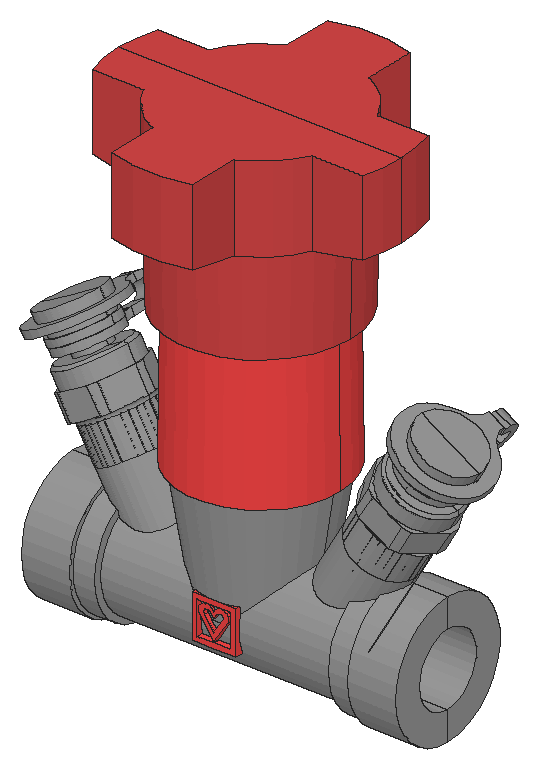
Revit family "Strangregulierventil mit Messventilen 4217 GN", category Rohrzubehör, Revit 2020
Family settings
  Bemaßung runder Anschluss = Durchmesser verwenden
  Teiletyp = Unterbricht
  OmniClass-Nummer = 23.65.55.14
  OmniClass-Titel = Valves for Liquid Services
  Arbeitsebenenbasiert = Nein
  Immer vertikal = Ja
  Beim Laden mit Abzugskörper schneiden = Nein
  Gemeinsam genutzt = Nein
Parameters
  kvs-Wert [instance] = if(Nennweite = 15.00 mm, 1.14, if(Nennweite = 20.00 mm, 2.38, if(Nennweite = 25.00 mm, 5.24, if(Nennweite = 32.00 mm, 8.6, if(Nennweite = 40.00 mm, 10.49, if(Nennweite = 50.00 mm, 16.78, 0))))))  # 1.14
  W02 = 60.00°  # constant formula
  W01 = 30.00°  # constant formula
  Vorgabe-Ansicht = 0.00 mm
  URL = "www.herz-armaturen.at"
  Spindelabdichtung = "Doppel-O-Ring aus EPDM"  # constant formula
  Spindel = "Messing CW617N"  # constant formula
  SC_NennweiteBerechnet = 0
  SC_Dimension = ""
  SCRNSEQ = "ARM;ARM_TYP=\"STRV\";2"
  SCRNCODE = "05;07;02"  # constant formula
  S02 = 60.00 mm  # constant formula
  S01 [instance] = DN15_DN50  # 92.00 mm
  R01 [instance] = size_lookup("4217_GN_", "R1", 1.00 mm, Nennweite)  # 11.35 mm
  Nennweite [instance] = 15.00 mm
  Medium = "Heizwasserqualität entsprechend ÖNORM H 5195 bzw. VDI-Richtlinie 2035.\r\nDie Verwendung von Ethylen- und Propylenglykol ist im Mischungsverhältnis 25 - 50 Vol. % zulässig."
  Max. Betriebstemperatur (bis DN32) = 130 °C  # constant formula
  Max. Betriebstemperatur (ab DN40) = 110 °C  # constant formula
  Max. Betriebsdruck = 2500000.0 Pa  # constant formula
  ML02 [instance] = size_lookup("4217_GN_", "ML2", 1.00 mm, Nennweite)  # 29.70 mm
  ML01 [instance] = size_lookup("4217_GN_", "ML1", 1.00 mm, Nennweite)  # 15.15 mm
  MD01 = 7.40 mm  # constant formula
  L02 [instance] = size_lookup("4217_GN_", "L2", 1.00 mm, Nennweite)  # 10.00 mm
  L01 [instance] = size_lookup("4217_GN_", "L1", 1.00 mm, Nennweite)  # 14.70 mm
  L00 [instance] = size_lookup("4217_GN_", "L", 1.00 mm, Nennweite)  # 78.00 mm
  Innengewinde = "gem. ISO 7/1"  # constant formula
  IG [instance] = Nennweite / 2  # 7.50 mm
  Hersteller = "HERZ Armaturen Ges.m.b.H."  # constant formula
  Handrad = "Polyamid, rot"  # constant formula
  H01 = 41.50 mm  # constant formula
  H00 [instance] = size_lookup("4217_GN_", "H", 1.00 mm, Nennweite)  # 25.40 mm
  Gewicht [instance] = if(Nennweite = 15.00 mm, "0.50 kg", if(Nennweite = 20.00 mm, "0.58 kg", if(Nennweite = 25.00 mm, "0.81 kg", if(Nennweite = 32.00 mm, "1.2 kg", if(Nennweite = 40.00 mm, "1.37 kg", if(Nennweite = 50.00 mm, "2.06 kg", "0 kg"))))))  # "0.50 kg"
  Gehäuse = "Messing CW602N"  # constant formula
  GT [instance] = size_lookup("4217_GN_", "GT", 1.00 mm, Nennweite)  # 13.20 mm
  Einbaulage = "Bedingt durch die senkrecht zur Ventilachse angeordnete, nichtsteigende Ventilspindel ist für jede Einbaulage optimale Zugängigkeit und Bedienbarkeit des Ventils gewährleistet."
  Differenzdruckmessung = "STRÖMAX-GN Strangregulierventil ist mit zwei Messventilen ausgestattet.\r\nBei Verwendung eines geeigneten Messgerätes kann der Differenzdruck gemessen und dadurch die jeweilige Durchflussmenge in Abhängigkeit der Einstellstufe ermittelt werden.\r\nAm HERZ-Messcomputer (1 8900 05) ist außerdem direkt die jeweilige Durchflussmenge ablesbar (siehe Gerätehandbuch)."
  DN50 [instance] = Nennweite = 50.00 mm  # no
  DN40 [instance] = Nennweite = 40.00 mm  # no
  DN32 [instance] = Nennweite = 32.00 mm  # no
  DN25 [instance] = Nennweite = 25.00 mm  # no
  DN20 [instance] = Nennweite = 20.00 mm  # no
  DN15_DN50 [instance] = if(Nennweite = 15.00 mm, 92.00 mm, if(Nennweite = 20.00 mm, 95.00 mm, if(Nennweite = 25.00 mm, 102.00 mm, if(Nennweite = 32.00 mm, 114.00 mm, if(Nennweite = 40.00 mm, 114.00 mm, if(Nennweite = 50.00 mm, 119.00 mm, 0.00 mm))))))  # 92.00 mm
  DN15 [instance] = Nennweite = 15.00 mm  # yes
  D05 = 16.75 mm  # constant formula
  D04 = 16.25 mm  # constant formula
  D03 [instance] = size_lookup("4217_GN_", "D3", 1.00 mm, Nennweite)  # 15.50 mm
  D02 [instance] = size_lookup("4217_GN_", "D2", 1.00 mm, Nennweite)  # 13.50 mm
  D01 [instance] = size_lookup("4217_GN_", "D1", 1.00 mm, Nennweite)  # 12.70 mm
  Bestellnummer [instance] = size_lookup("4217_GN_", "Artnr", 0, Nennweite)  # 1421771
  Ausführung = "STRÖMAX-GN Strangregulierventil mit Messventilen, 1/2′′ – 2′′, mit gleichprozentiger Kennlinie.\r\nGeradesitzform, gelbe Ausführung, Muffe x Muffe, nichtsteigende Spindel, Spindelabdichtung mit Doppel-O-Ring, Voreinstellung durch Hubbegrenzung mittels Innenspindel, Anzeige der Voreinstellstufe am Handradschaft.\r\n2 Messventile sind neben dem Handrad montiert."
  Anwendungen = "Zum hydraulischen Abgleich in Heiz- oder Kühlanlagen, Einregulieren von Verteilleitungen, Strängen, Wärmetauschern, Heiz- und Kühlregistern.\r\nSchließen Sie das Ventil im Uhrzeigersinn."
Reference planes
  plane 1 "Mitte (Vorne/hinten)": y = 0
  plane 2: z = 0
  plane 3 "Mitte (Links/rechts)": x = 0
Forms (mm)
  Revolve 1, solid, material "Messing, weicher Gelbton, geschweißt", detail levels fine
    sketch origin (0, 0, 0) x (1, 0, 0) y (0, 0, 1)
      loop
        line (-39, 13.5) -> (-39, 7.5) -> (-25.8, 7.5) -> (-25.8, 0) -> (25.8, 0) -> (25.8, 7.5) -> (39, 7.5) -> (39, 13.5) -> (29, 13.5) -> (29, 12.7) -> (24.3, 12.7) -> (24.3, 11.35) -> (-24.3, 11.35) -> (-24.3, 12.7) -> (-29, 12.7) -> (-29, 13.5) -> (-39, 13.5)
      axis (-39, 0) -> (39, 0)
    angle from 0 to 360
  Revolve 2, solid, material "Messing, weicher Gelbton, geschweißt", detail levels fine
    sketch origin (0, 0, 0) x (1, 0, 0) y (0, 0, 1)
      loop
        line (15.15, 0) -> (30, 25.721) -> (23.591, 29.421) -> (8.741, 3.7) -> (15.15, 0)
      axis (15.15, 0) -> (30, 25.721)
    angle from 0 to 360
  Revolve 3, solid, material "Messing, weicher Gelbton, geschweißt", detail levels fine
    sketch origin (0, 0, 0) x (-1, 0, 0) y (0, 0, 1)
      loop
        line (15.15, 0) -> (30, 25.721) -> (23.591, 29.421) -> (8.741, 3.7) -> (15.15, 0)
      axis (15.15, 0) -> (30, 25.721)
    angle from 0 to 360
  Revolve 4, solid, material "Messing, weicher Gelbton, geschweißt", detail levels fine
    sketch origin (0, 0, 0) x (1, 0, 0) y (0, 0, 1)
      loop
        line (0, 0) -> (0, 25.4) -> (-15.5, 25.4) -> (-11.35, 0) -> (0, 0)
      axis (0, 25.4) -> (0, 0)
    angle from 0 to 360
  Revolve 5, solid, material "Kunsstoff rot", detail levels fine
    sketch origin (0, 0, 0) x (1, 0, 0) y (0, 0, 1)
      loop
        line (0, 25.4) -> (0, 66.9) -> (-16.25, 66.9) -> (-16.75, 25.4) -> (0, 25.4)
      axis (0, 66.9) -> (0, 25.4)
    angle from 0 to 360
Lines and regions (mm)
  model lines, detail levels coarse+medium
    curve 1: line (-39, 0, 13.5) -> (-39, 0, -13.5)
    curve 2: line (-39, 0, -13.5) -> (39, 0, 13.5)
    curve 3: line (39, 0, 13.5) -> (39, 0, -13.5)
    curve 4: line (39, 0, -13.5) -> (-39, 0, 13.5)
    curve 5: line (0, 0, 0) -> (53.116, 0, 92)
    curve 6: line (27.135, 0, 107) -> (79.097, 0, 77)
    curve 7: line (-39, 13.5, 0) -> (-39, -13.5, 0)
    curve 8: line (-39, -13.5, 0) -> (39, 13.5, 0)
    curve 9: line (39, 13.5, 0) -> (39, -13.5, 0)
    curve 10: line (39, -13.5, 0) -> (-39, 13.5, 0)
    curve 11: line (0, 0, 0) -> (53.116, 92, 0)
    curve 12: line (27.135, 107, 0) -> (79.097, 77, 0)
Dimensions and locks
  "IG": Revolve 1 sketch curve to plane 2
  "GT": Revolve 1 sketch curve to Revolve 1 sketch curve  (x2)
  "IG": Revolve 1 sketch curve to Revolve 1 sketch curve
  "D01": Revolve 1 sketch curve to Revolve 1 sketch curve  (x2)
  "L02": Revolve 1 sketch curve to Revolve 1 sketch curve  (x2)
  "D02": Revolve 1 sketch curve to plane 2  (x2)
  equal spacing: Revolve 1 sketch curve, plane 3 "Mitte (Links/rechts)", Revolve 1 sketch curve
  "L00": Revolve 1 sketch curve to Revolve 1 sketch curve
  "R01": nested 1 to plane 1 "Mitte (Vorne/hinten)"
  "ML01": Revolve 2 sketch curve to plane 3 "Mitte (Links/rechts)"
  "ML02": Revolve 2 sketch curve to Revolve 2 sketch curve
  "MD01": Revolve 2 sketch curve to Revolve 2 sketch curve  (x2)
  "ML02": Revolve 3 sketch curve to Revolve 3 sketch curve
  "MD01": Revolve 3 sketch curve to Revolve 3 sketch curve  (x2)
  "ML01": plane 3 "Mitte (Links/rechts)" to Revolve 3 sketch curve
  "D02": curve 4 to plane 2 to curve 2
  "D02": curve 3 to plane 2 to curve 4
  equal spacing: curve 1, plane 3 "Mitte (Links/rechts)", curve 3
  "L00": curve 1 to curve 3
  equal spacing: Revolve 1, curve 5, Revolve 1
  "S01": curve 5 to plane 2
  equal spacing: curve 6, curve 5, curve 6
  "S02": curve 6 to curve 6
  "D02": curve 8 to plane 1 "Mitte (Vorne/hinten)" to curve 10
  "D02": curve 10 to plane 1 "Mitte (Vorne/hinten)" to curve 9
  equal spacing: curve 7, plane 3 "Mitte (Links/rechts)", curve 9
  "L00": curve 7 to curve 9
  equal spacing: curve 7, curve 11, curve 9
  "S01": plane 1 "Mitte (Vorne/hinten)" to curve 11
  equal spacing: curve 12, curve 11, curve 12
  "S02": curve 12 to curve 12
  "R01": Revolve 1 sketch curve to plane 2
  "H00": Revolve 4 sketch curve to plane 2
  "D03": Revolve 4 sketch curve to Revolve 4 sketch curve
  "R01": Revolve 4 sketch curve to Revolve 4 sketch curve
  "L01": Revolve 1 sketch curve to Revolve 1 sketch curve  (x2)
  "H01": Revolve 5 sketch curve to Revolve 5 sketch curve
  "H00": Revolve 5 sketch curve to plane 2
  "D04": Revolve 5 sketch curve to Revolve 5 sketch curve
  "D05": Revolve 5 sketch curve to Revolve 5 sketch curve
  "DN15_DN50": nested 14 to plane 2
  "W01": angle Revolve 2 sketch curve to plane 3 "Mitte (Links/rechts)"  (x2)
  "W01": angle plane 3 "Mitte (Links/rechts)" to Revolve 3 sketch curve  (x2)
  "W02": angle plane 2 to curve 5
  "W02": angle plane 1 "Mitte (Vorne/hinten)" to curve 11
  aligned and locked: level to plane 2
Automatic sketch dimensions
  Revolve 1 sketch curve to level = 0.00 mm  (x2)
  Revolve 1 sketch curve to Revolve 1 sketch curve = 1429.986 mm
  Revolve 1 sketch curve to Revolve 1 sketch curve = 1762.604 mm
  Revolve 2 sketch curve to level = 0.00 mm  (x2)
  Revolve 3 sketch curve to level = 0.00 mm  (x2)
  Revolve 4 sketch curve to level = 0.00 mm
  Revolve 4 sketch curve to plane 3 "Mitte (Links/rechts)" = 0.00 mm  (x2)
  Revolve 4 sketch curve to level = 366.045 mm
  Revolve 4 sketch curve to Revolve 4 sketch curve = 2188.915 mm
  Revolve 5 sketch curve to plane 3 "Mitte (Links/rechts)" = 0.00 mm  (x2)
  Revolve 5 sketch curve to level = 366.045 mm
  Revolve 5 sketch curve to Revolve 5 sketch curve = 2147.415 mm
Nested families
  nested 1: "Herz-Logo-vorne" at (0, -11.35, 0) x (0, 1, 0) z (0, 0, 1), type "Herz-Logo-vorne", detail levels fine
  nested 2: "Messstutzen_Band_Austritt_30Grad_(oben)" at (37.95, 0, 29.878), visible <- "DN50", type "Messstutzen_Band_Austritt_30Grad_(oben)", detail levels fine
    with Schutzkappe yes, Nennweite 0.00 mm, Gewicht 0.00 kg, Bestellnummer 0
  nested 3: "Messstutzen_Band_Eintritt_30Grad_(oben)" at (-37.95, 0, 29.878) x (-1, 0, 0) z (0, 0, 1), visible <- "DN50", type "Messstutzen_Band_Eintritt_30Grad_(oben)", detail levels fine
    with Schutzkappe yes, Nennweite 0.00 mm, Gewicht 0.00 kg, Bestellnummer 0
  nested 4: "Messstutzen_Band_Austritt_30Grad_(oben)" at (21.25, 0, 10.566), visible <- "DN15", type "Messstutzen_Band_Austritt_30Grad_(oben)", detail levels fine
    with Schutzkappe yes, Nennweite 0.00 mm, Gewicht 0.00 kg, Bestellnummer 0
  nested 5: "Messstutzen_Band_Eintritt_30Grad_(oben)" at (-21.25, 0, 10.566) x (-1, 0, 0) z (0, 0, 1), visible <- "DN15", type "Messstutzen_Band_Eintritt_30Grad_(oben)", detail levels fine
    with Schutzkappe yes, Nennweite 0.00 mm, Gewicht 0.00 kg, Bestellnummer 0
  nested 6: "Messstutzen_Band_Eintritt_30Grad_(oben)" at (-20.175, 0, 12.601) x (-1, 0, 0) z (0, 0, 1), visible <- "DN20", type "Messstutzen_Band_Eintritt_30Grad_(oben)", detail levels fine
    with Schutzkappe yes, Nennweite 0.00 mm, Gewicht 0.00 kg, Bestellnummer 0
  nested 7: "Messstutzen_Band_Austritt_30Grad_(oben)" at (20.175, 0, 12.601), visible <- "DN20", type "Messstutzen_Band_Austritt_30Grad_(oben)", detail levels fine
    with Schutzkappe yes, Nennweite 0.00 mm, Gewicht 0.00 kg, Bestellnummer 0
  nested 8: "Messstutzen_Band_Eintritt_30Grad_(oben)" at (-21.8, 0, 15.762) x (-1, 0, 0) z (0, 0, 1), visible <- "DN25", type "Messstutzen_Band_Eintritt_30Grad_(oben)", detail levels fine
    with Schutzkappe yes, Nennweite 0.00 mm, Gewicht 0.00 kg, Bestellnummer 0
  nested 9: "Messstutzen_Band_Austritt_30Grad_(oben)" at (21.8, 0, 15.762), visible <- "DN25", type "Messstutzen_Band_Austritt_30Grad_(oben)", detail levels fine
    with Schutzkappe yes, Nennweite 0.00 mm, Gewicht 0.00 kg, Bestellnummer 0
  nested 10: "Messstutzen_Band_Eintritt_30Grad_(oben)" at (-27.95, 0, 20.352) x (-1, 0, 0) z (0, 0, 1), visible <- "DN32", type "Messstutzen_Band_Eintritt_30Grad_(oben)", detail levels fine
    with Schutzkappe yes, Nennweite 0.00 mm, Gewicht 0.00 kg, Bestellnummer 0
  nested 11: "Messstutzen_Band_Austritt_30Grad_(oben)" at (27.95, 0, 20.352), visible <- "DN32", type "Messstutzen_Band_Austritt_30Grad_(oben)", detail levels fine
    with Schutzkappe yes, Nennweite 0.00 mm, Gewicht 0.00 kg, Bestellnummer 0
  nested 12: "Messstutzen_Band_Eintritt_30Grad_(oben)" at (-33.7, 0, 23.729) x (-1, 0, 0) z (0, 0, 1), visible <- "DN40", type "Messstutzen_Band_Eintritt_30Grad_(oben)", detail levels fine
    with Schutzkappe yes, Nennweite 0.00 mm, Gewicht 0.00 kg, Bestellnummer 0
  nested 13: "Messstutzen_Band_Austritt_30Grad_(oben)" at (33.7, 0, 23.729), visible <- "DN40", type "Messstutzen_Band_Austritt_30Grad_(oben)", detail levels fine
    with Schutzkappe yes, Nennweite 0.00 mm, Gewicht 0.00 kg, Bestellnummer 0
  nested 14: "Strangregulierventil-Handrad_(Rot) DN15-DN50" at (0, 0, 54.6), type "Strangregulierventil-Handrad_(Rot) DN15-DN50", detail levels fine
Connectors
  piping at (-25.8, 0, 0), diameter 15, driven by "Nennweite"
    settings: on Revolve 1, index 1, connector inside diameter 609.6 mm, connector length 0.00 mm, flow factor 0, pipe flow 0.0 L/s, pressure drop 0.0 Pa, fitting loss kfactor 0, connector angle 0.00°, fixture units 0, engagement length 0.00 mm, angle of deflection 0.00°, flow configuration 0, flow direction 1, fitting loss method 0, system type 29, joint type 0, gender type 0, connector reference index -1, connector utility 0, adjustable connector no, is connector primary yes, connector description ""
  piping at (25.8, 0, 0), diameter 15, driven by "Nennweite"
    settings: on Revolve 1, index 2, connector inside diameter 609.6 mm, connector length 0.00 mm, flow factor 0, pipe flow 0.0 L/s, pressure drop 0.0 Pa, fitting loss kfactor 0, connector angle 0.00°, fixture units 0, engagement length 0.00 mm, angle of deflection 0.00°, flow configuration 0, flow direction 2, fitting loss method 0, system type 29, joint type 0, gender type 0, connector reference index -1, connector utility 0, adjustable connector no, is connector primary no, connector description ""
Definition of nested family "Herz-Logo-vorne"
  Parameters (values of type "Herz-Logo-vorne")
    Default Elevation = 0.00 mm
  Reference planes
    plane 1 "Mitte (Vorne/hinten)": y = 0
    plane 2: z = 0
    plane 3 "Mitte (Links/rechts)": x = 0
  Forms (mm)
    Extrusion 1, solid
      sketch origin (0.732, -0.018, 0.017) x (0, -1, 0) y (0, 0, 1)
        loop
          line (-0.018, -4.517) -> (4.482, -4.517) -> (4.482, 4.483) -> (-4.518, 4.483) -> (-4.518, -4.517) -> (-0.018, -4.517)
        loop
          line (-0.05, -3.48) -> (3.482, -3.48) -> (3.482, 3.483) -> (-3.518, 3.483) -> (-3.518, -3.48) -> (-0.05, -3.48)
        loop
          arc (-0.018, 2.383) -> (-1.543, 3.287) -> (-3.067, 2.383) r 1.738
          arc (-3.067, 2.383) -> (-3.191, 1.899) -> (-3.067, 1.415) r 1.009
          line (-3.067, 1.415) -> (-0.018, -3.281) -> (3.032, 1.415)
          arc (3.032, 1.415) -> (3.156, 1.899) -> (3.032, 2.383) r 1.009
          arc (3.032, 2.383) -> (1.507, 3.287) -> (-0.018, 2.383) r 1.738
        loop
          arc (1.885, 1.272) -> (2.005, 1.675) -> (1.885, 2.079) r 0.74
          arc (1.885, 2.079) -> (1.265, 2.416) -> (0.644, 2.079) r 0.74
          line (0.644, 2.079) -> (-0.018, 0.97) -> (-0.679, 2.079)
          arc (-0.679, 2.079) -> (-1.3, 2.416) -> (-1.921, 2.079) r 0.74
          arc (-1.921, 2.079) -> (-2.04, 1.675) -> (-1.921, 1.272) r 0.74
          line (-1.921, 1.272) -> (-0.018, -1.658) -> (1.885, 1.272)
      from 0 to 1.5
  Dimensions and locks
    aligned and locked: level to plane 2
Definition of nested family "Messstutzen_Band_Austritt_30Grad_(oben)"
  Parameters (values of type "Messstutzen_Band_Austritt_30Grad_(oben)")
    Default Elevation = 0.00 mm
    URL = "www.herz-armaturen.at"
    Schutzkappe [instance] = yes
    Nennweite [instance] = 0.00 mm
    Manufacturer = "Herz Armaturen GmbH"  # constant formula
    Gewicht [instance] = 0.00 kg
    Bestellnummer [instance] = 0
  Reference planes
    plane 1 "Mitte (Vorne/hinten)": y = 0
    plane 2: z = 0
    plane 3 "Mitte (Links/rechts)": x = 0
  Forms (mm)
    Revolve 1, solid, detail levels fine
      sketch origin (0, 0, 0) x (0.866025, 0, -0.5) y (0.5, 0, 0.866025)
        loop
          line (-7.4, 9) -> (-5.55, 9) -> (-5.55, 6)
          arc (-5.55, 6) -> (-5.626, 5.617) -> (-5.843, 5.293) r 1
          line (-5.843, 5.293) -> (-6.455, 4.681) -> (-6.455, 0.9) -> (-5.555, 0) -> (-2, 0) -> (-2, 17.5) -> (-8.4, 17.5)
          arc (-8.4, 17.5) -> (-7.693, 17.207) -> (-7.4, 16.5) r 1
          line (-7.4, 16.5) -> (-7.4, 9)
        loop
          line (-3.7, 27) -> (-7.3, 27) -> (-7.9, 26.4) -> (-7.9, 23) -> (-2, 23) -> (-2, 35.8) -> (-3.805, 35.8) -> (-4.415, 35.19) -> (-4.415, 30.863) -> (-3.7, 30.45) -> (-3.7, 27)
        axis (0, 0) -> (0, 35.8)
      angle from 0 to 360
    Extrusion 2, solid, detail levels fine
      sketch origin (8.75, 0, 15.155) x (0, 1, 0) y (-0.866025, 0, 0.5)
        loop
          arc (-7.07, 5.156) -> (-7.578, 4.375) -> (-8, 3.544) r 8.75
          line (-8, 3.544) -> (-8, -3.544)
          arc (-8, -3.544) -> (-7.578, -4.375) -> (-7.07, -5.156) r 8.75
          line (-7.07, -5.156) -> (-0.93, -8.7)
          arc (-0.93, -8.7) -> (0, -8.75) -> (0.93, -8.7) r 8.75
          line (0.93, -8.7) -> (7.07, -5.156)
          arc (7.07, -5.156) -> (7.578, -4.375) -> (8, -3.544) r 8.75
          line (8, -3.544) -> (8, 3.544)
          arc (8, 3.544) -> (7.578, 4.375) -> (7.07, 5.156) r 8.75
          line (7.07, 5.156) -> (0.93, 8.7)
          arc (0.93, 8.7) -> (0, 8.75) -> (-0.93, 8.7) r 8.75
          line (-0.93, 8.7) -> (-7.07, 5.156)
      from 0 to 5.5
    Revolve 3, solid, visible <- "Schutzkappe", detail levels fine
      sketch origin (0, 0, 0) x (0.866025, 0, -0.5) y (0.5, 0, 0.866025)
        loop
          line (0, 35.878) -> (0, 36.678) -> (-7, 36.678) -> (-7, 33.378) -> (-6.1, 33.378) -> (-6.1, 31.678) -> (-6.9, 31.678) -> (-6.9, 30.178) -> (-4.415, 30.178) -> (-4.415, 35.268) -> (-3.805, 35.878) -> (0, 35.878)
        axis (0, 30.178) -> (0, 36.678)
      angle from 0 to 360
    Extrusion 4, solid, detail levels fine
      sketch origin (14.25, 0, 24.682) x (0, 1, 0) y (0.866025, 0, -0.5)
        loop
          circle (0, 0) r 3.7
        loop
          arc (5.505, -3.906) -> (7.288, -2.358) -> (9.582, -1.8) r 5
          line (9.582, -1.8) -> (9.582, 1.8)
          arc (9.582, 1.8) -> (7.288, 2.358) -> (5.505, 3.906) r 5
          arc (5.505, 3.906) -> (-6.75, 0) -> (5.505, -3.906) r 6.75
      from 0 to -1.5
    Extrusion 5, solid, detail levels fine
      sketch origin (16.589, 0, 28.733) x (0, 1, 0) y (0.866025, 0, -0.5)
        loop
          circle (0, 0) r 6.1
        loop
          arc (8.652, -4.495) -> (10.493, -2.527) -> (13.089, -1.8) r 5
          line (13.089, -1.8) -> (13.089, 1.8)
          arc (13.089, 1.8) -> (10.493, 2.527) -> (8.652, 4.495) r 5
          arc (8.652, 4.495) -> (-9.75, 0) -> (8.652, -4.495) r 9.75
      from 0 to -1.5
    Sweep 6, solid, detail levels fine
      path origin (1.029, 0.159, 0.98) x (-0.5, 0, -0.866025) y (0, 1, 0)
        loop
          line (-27.75, 9.582) -> (-27.75, 14.522)
          arc (-27.75, 14.522) -> (-30.089, 16.862) -> (-32.428, 14.522) r 2.339
          line (-32.428, 14.522) -> (-32.428, 13.089)
      profile origin (14.904, 12.211, 25.012) x (0.5, 0, 0.866025) y (0.866025, 0, -0.5)
        loop
          line (-0.75, -1.8) -> (0.75, -1.8) -> (0.75, 1.8) -> (-0.75, 1.8) -> (-0.75, -1.8)
  Dimensions and locks
    aligned and locked: level to plane 2
Definition of nested family "Messstutzen_Band_Eintritt_30Grad_(oben)"
  Parameters (values of type "Messstutzen_Band_Eintritt_30Grad_(oben)")
    Default Elevation = 0.00 mm
    URL = "www.herz-armaturen.at"
    Schutzkappe [instance] = yes
    Nennweite [instance] = 0.00 mm
    Manufacturer = "Herz Armaturen GmbH"  # constant formula
    Gewicht [instance] = 0.00 kg
    Bestellnummer [instance] = 0
  Reference planes
    plane 1 "Mitte (Vorne/hinten)": y = 0
    plane 2: z = 0
    plane 3 "Mitte (Links/rechts)": x = 0
  Forms (mm)
    Revolve 1, solid, detail levels fine
      sketch origin (0, 0, 0) x (0.866025, 0, -0.5) y (0.5, 0, 0.866025)
        loop
          line (-7.4, 9) -> (-5.55, 9) -> (-5.55, 6)
          arc (-5.55, 6) -> (-5.626, 5.617) -> (-5.843, 5.293) r 1
          line (-5.843, 5.293) -> (-6.455, 4.681) -> (-6.455, 0.9) -> (-5.555, 0) -> (-2, 0) -> (-2, 17.5) -> (-8.4, 17.5)
          arc (-8.4, 17.5) -> (-7.693, 17.207) -> (-7.4, 16.5) r 1
          line (-7.4, 16.5) -> (-7.4, 9)
        loop
          line (-3.7, 27) -> (-7.3, 27) -> (-7.9, 26.4) -> (-7.9, 23) -> (-2, 23) -> (-2, 35.8) -> (-3.805, 35.8) -> (-4.415, 35.19) -> (-4.415, 30.863) -> (-3.7, 30.45) -> (-3.7, 27)
        axis (0, 0) -> (0, 35.8)
      angle from 0 to 360
    Extrusion 2, solid, detail levels fine
      sketch origin (8.75, 0, 15.155) x (0, 1, 0) y (-0.866025, 0, 0.5)
        loop
          arc (-7.07, 5.156) -> (-7.578, 4.375) -> (-8, 3.544) r 8.75
          line (-8, 3.544) -> (-8, -3.544)
          arc (-8, -3.544) -> (-7.578, -4.375) -> (-7.07, -5.156) r 8.75
          line (-7.07, -5.156) -> (-0.93, -8.7)
          arc (-0.93, -8.7) -> (0, -8.75) -> (0.93, -8.7) r 8.75
          line (0.93, -8.7) -> (7.07, -5.156)
          arc (7.07, -5.156) -> (7.578, -4.375) -> (8, -3.544) r 8.75
          line (8, -3.544) -> (8, 3.544)
          arc (8, 3.544) -> (7.578, 4.375) -> (7.07, 5.156) r 8.75
          line (7.07, 5.156) -> (0.93, 8.7)
          arc (0.93, 8.7) -> (0, 8.75) -> (-0.93, 8.7) r 8.75
          line (-0.93, 8.7) -> (-7.07, 5.156)
      from 0 to 5.5
    Revolve 3, solid, visible <- "Schutzkappe", detail levels fine
      sketch origin (0, 0, 0) x (0.866025, 0, -0.5) y (0.5, 0, 0.866025)
        loop
          line (0, 35.878) -> (0, 36.678) -> (-7, 36.678) -> (-7, 33.378) -> (-6.1, 33.378) -> (-6.1, 31.678) -> (-6.9, 31.678) -> (-6.9, 30.178) -> (-4.415, 30.178) -> (-4.415, 35.268) -> (-3.805, 35.878) -> (0, 35.878)
        axis (0, 30.178) -> (0, 36.678)
      angle from 0 to 360
    Extrusion 4, solid, detail levels fine
      sketch origin (14.25, 0, 24.682) x (0, 1, 0) y (0.866025, 0, -0.5)
        loop
          circle (0, 0) r 3.7
        loop
          arc (5.505, -3.906) -> (7.288, -2.358) -> (9.582, -1.8) r 5
          line (9.582, -1.8) -> (9.582, 1.8)
          arc (9.582, 1.8) -> (7.288, 2.358) -> (5.505, 3.906) r 5
          arc (5.505, 3.906) -> (-6.75, 0) -> (5.505, -3.906) r 6.75
      from 0 to -1.5
    Extrusion 5, solid, detail levels fine
      sketch origin (16.589, 0, 28.733) x (0, 1, 0) y (0.866025, 0, -0.5)
        loop
          circle (0, 0) r 6.1
        loop
          arc (8.652, -4.495) -> (10.493, -2.527) -> (13.089, -1.8) r 5
          line (13.089, -1.8) -> (13.089, 1.8)
          arc (13.089, 1.8) -> (10.493, 2.527) -> (8.652, 4.495) r 5
          arc (8.652, 4.495) -> (-9.75, 0) -> (8.652, -4.495) r 9.75
      from 0 to -1.5
    Sweep 6, solid, detail levels fine
      path origin (0.933, -0.183, 1.116) x (-0.5, 0, -0.866025) y (0, 1, 0)
        loop
          line (-27.75, 9.582) -> (-27.75, 14.522)
          arc (-27.75, 14.522) -> (-30.089, 16.862) -> (-32.428, 14.522) r 2.339
          line (-32.428, 14.522) -> (-32.428, 13.089)
      profile origin (14.808, 11.869, 25.148) x (0.5, 0, 0.866025) y (0.866025, 0, -0.5)
        loop
          line (-0.75, -1.8) -> (0.75, -1.8) -> (0.75, 1.8) -> (-0.75, 1.8) -> (-0.75, -1.8)
  Dimensions and locks
    aligned and locked: level to plane 2
Definition of nested family "Strangregulierventil-Handrad_(Rot) DN15-DN50"
  Parameters (values of type "Strangregulierventil-Handrad_(Rot) DN15-DN50")
    Default Elevation = 0.00 mm
  Reference planes
    plane 1 "Mitte (Vorne/hinten)": y = 0
    plane 2: z = 0
    plane 3 "Mitte (Links/rechts)": x = 0
  Forms (mm)
    Revolve 1, solid, detail levels fine
      sketch origin (0, 0, 0) x (1, 0, 0) y (0, 0, 1)
        loop
          line (0, 0) -> (0, 37.4) -> (-29.4, 37.4) -> (-29.4, 21.6) -> (-19.25, 19.5) -> (-18.9, 0) -> (0, 0)
        axis (0, 37.4) -> (0, 0)
      angle from 0 to 360
    Extrusion 2, void
      sketch origin (0, 0, 0) x (1, 0, 0) y (0, 1, 0)
        loop
          arc (-8.5, 17.528) -> (-13.774, 13.774) -> (-17.528, 8.5) r 19.48
          line (-17.528, 8.5) -> (-28.144, 8.5)
          arc (-28.144, 8.5) -> (-29.4, 0) -> (-28.144, -8.5) r 29.4
          line (-28.144, -8.5) -> (-17.528, -8.5)
          arc (-17.528, -8.5) -> (-13.774, -13.774) -> (-8.5, -17.528) r 19.48
          line (-8.5, -17.528) -> (-8.5, -28.144)
          arc (-8.5, -28.144) -> (0, -29.4) -> (8.5, -28.144) r 29.4
          line (8.5, -28.144) -> (8.5, -17.528)
          arc (8.5, -17.528) -> (13.774, -13.774) -> (17.528, -8.5) r 19.48
          line (17.528, -8.5) -> (28.144, -8.5)
          arc (28.144, -8.5) -> (29.4, 0) -> (28.144, 8.5) r 29.4
          line (28.144, 8.5) -> (17.528, 8.5)
          arc (17.528, 8.5) -> (13.774, 13.774) -> (8.5, 17.528) r 19.48
          line (8.5, 17.528) -> (8.5, 28.144)
          arc (8.5, 28.144) -> (0, 29.4) -> (-8.5, 28.144) r 29.4
          line (-8.5, 28.144) -> (-8.5, 17.528)
        loop
          circle (0, 0) r 33
      from 17.15 to 46.765
  Cuts and joins
    Extrusion 2 cuts Revolve 1
  Dimensions and locks
    aligned and locked: level to plane 2
